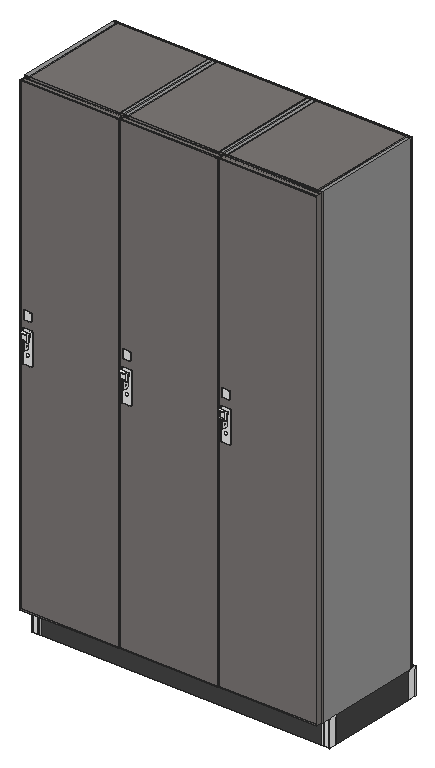
Revit family "Wood_Lockers_Hasps-Salsbury_Industries-15_41000_Series-3_Wide_Units.rfa", category Specialty Equipment, Revit 2016 (continued)
Definition of nested family "Wood Locker Sloping Corner Fillers"
  Forms (in)
    Extrusion 6, solid, material <- "Laminate Surface", visible <- "Visible"
      sketch origin (-1.125, -0.8125, 0) x (1, 0, 0) y (0, 0, 1)
        loop
          line (-11, 9.118) -> (-11, 9.087) -> (12.54519, 0.062) -> (12.625, 0.062) -> (-11, 9.118)
      from -12.9375 to 12.9375
    Extrusion 7, solid, material <- "Laminate Surface", visible <- "Visible"
      sketch origin (0, -11.5, 0) x (1, 0, 0) y (0, 0, 1)
        loop
          line (11.5, 0) -> (11.5, 0.062) -> (11.469, 0.062) -> (11.469, 0) -> (11.5, 0)
      from 0 to 2.25
    Extrusion 8, void
      sketch origin (13.75, 0, 0) x (0, -1, 0) y (0, 0, 1)
        loop
          line (-12.125, 0) -> (9.66023, 0) -> (-12.125, 8.36937) -> (-12.125, 0)
      from 0 to 25.875
  Cuts and joins
    Extrusion 3, Extrusion 8 cuts Extrusion 1
    Extrusion 3 cuts Extrusion 2
    Extrusion 8 cuts Extrusion 5
    Extrusion 8 cuts Extrusion 6
  Dimensions and locks (in)
    locked: plane 4 "Front of Hood" to plane 7 "Black Trim Line" at 0.031
    locked: plane 8 to plane 6 "Bottom of Hood" at 0.062
    locked: plane 9 to plane 6 "Bottom of Hood" at 0.75
    "Height": plane 14 "Top" to plane 6 "Bottom of Hood"
    "Width": plane 12 "New Left Side" to plane 13 "New Right Side"
    "Depth": plane 11 "New Front of Hood" to plane 10 "New Back of Hood"
    equal spacing: plane 12 "New Left Side", plane 3 "Center (Left/Right)", plane 13 "New Right Side"
    equal spacing: plane 11 "New Front of Hood", plane 1 "Center (Front/Back)", plane 10 "New Back of Hood"
    locked: plane 5 "Right Side of Hood" to plane 13 "New Right Side" at 2.25
    locked: plane 11 "New Front of Hood" to plane 4 "Front of Hood" at 2.25
    locked: plane 15 to plane 5 "Right Side of Hood" at 0.031
    aligned and locked: level to plane 2
    aligned and locked: plane 12 "New Left Side" to Extrusion 3
    aligned and locked: Extrusion 2 to plane 13 "New Right Side"
    aligned and locked: plane 12 "New Left Side" to cut or joined group of Extrusion 2, Extrusion 3
    aligned and locked: cut or joined group of Extrusion 2, Extrusion 3 to plane 10 "New Back of Hood"
    aligned and locked: plane 12 "New Left Side" to cut or joined group of Extrusion 1, Extrusion 3, Extrusion 8
    aligned and locked: cut or joined group of Extrusion 1, Extrusion 3, Extrusion 8 to plane 13 "New Right Side"
    aligned and locked: cut or joined group of Extrusion 1, Extrusion 3, Extrusion 8 to plane 10 "New Back of Hood"  (x2)
    aligned and locked: plane 4 "Front of Hood" to cut or joined group of Extrusion 2, Extrusion 3
    aligned and locked: Extrusion 3 to cut or joined group of Extrusion 2, Extrusion 3
    aligned and locked: plane 13 "New Right Side" to cut or joined group of Extrusion 1, Extrusion 3, Extrusion 8
    aligned and locked: plane 5 "Right Side of Hood" to Extrusion 4
    aligned and locked: Extrusion 8 to Extrusion 1  (x2)
    aligned and locked: Extrusion 1 to Extrusion 8
    aligned and locked: cut or joined group of Extrusion 1, Extrusion 3, Extrusion 8 to Extrusion 6
    aligned and locked: plane 11 "New Front of Hood" to Extrusion 6
    aligned and locked: plane 12 "New Left Side" to Extrusion 6
    aligned and locked: plane 11 "New Front of Hood" to Extrusion 5
    aligned and locked: plane 12 "New Left Side" to Extrusion 5
    aligned and locked: cut or joined group of Extrusion 1, Extrusion 3, Extrusion 8 to Extrusion 5
  Automatic sketch dimensions
    Extrusion 1 sketch curve to level = 0.000"
    Extrusion 1 sketch curve to plane 7 "Black Trim Line" = 0.000"
    plane 8 to Extrusion 1 sketch curve = 0.000"
    Extrusion 1 sketch curve to plane 10 "New Back of Hood" = 0.000"
    Extrusion 1 sketch curve to Extrusion 1 sketch curve = 0.04881"
    Extrusion 1 sketch curve to Extrusion 1 sketch curve = 1.75996"
    plane 14 "Top" to Extrusion 1 sketch curve = 0.74863"
    plane 14 "Top" to Extrusion 1 sketch curve = 0.031"
    Extrusion 2 sketch curve to plane 4 "Front of Hood" = 0.000"
    plane 8 to Extrusion 2 sketch curve = 0.000"
    Extrusion 2 sketch curve to plane 10 "New Back of Hood" = 0.000"
    plane 14 "Top" to Extrusion 2 sketch curve = 0.000"
    Extrusion 2 sketch curve to plane 7 "Black Trim Line" = 0.04881"
    plane 14 "Top" to Extrusion 2 sketch curve = 0.031"
    plane 10 "New Back of Hood" to Extrusion 3 sketch curve = 0.000"
    plane 4 "Front of Hood" to Extrusion 3 sketch curve = 0.000"
    Extrusion 3 sketch curve to plane 12 "New Left Side" = 0.000"
    Extrusion 3 sketch curve to plane 5 "Right Side of Hood" = 0.000"
    Extrusion 4 sketch curve to level = 0.000"
    Extrusion 4 sketch curve to plane 7 "Black Trim Line" = 0.000"
    Extrusion 4 sketch curve to plane 4 "Front of Hood" = 0.000"
    plane 8 to Extrusion 4 sketch curve = 0.000"
    Extrusion 5 sketch curve to level = 0.000"
    Extrusion 5 sketch curve to plane 8 = 0.000"
    plane 14 "Top" to Extrusion 5 sketch curve = 0.031"
    Extrusion 5 sketch curve to plane 12 "New Left Side" = 0.000"
    plane 5 "Right Side of Hood" to Extrusion 5 sketch curve = 1.83977"
    plane 5 "Right Side of Hood" to Extrusion 5 sketch curve = 0.07981"
    Extrusion 5 sketch curve to Extrusion 5 sketch curve = 0.04881"
    Extrusion 5 sketch curve to Extrusion 5 sketch curve = 0.71763"
    plane 14 "Top" to Extrusion 6 sketch curve = 0.000"
    Extrusion 6 sketch curve to plane 8 = 0.000"
    Extrusion 6 sketch curve to plane 12 "New Left Side" = 0.000"
    plane 5 "Right Side of Hood" to Extrusion 6 sketch curve = 0.07981"
    Extrusion 6 sketch curve to Extrusion 6 sketch curve = 0.07981"
    plane 14 "Top" to Extrusion 6 sketch curve = 0.031"
    Extrusion 7 sketch curve to level = 0.000"
    plane 15 to Extrusion 7 sketch curve = 0.000"
    plane 5 "Right Side of Hood" to Extrusion 7 sketch curve = 0.000"
    Extrusion 7 sketch curve to plane 8 = 0.000"
    Extrusion 8 sketch curve to plane 10 "New Back of Hood" = 0.000"
    Extrusion 8 sketch curve to level = 0.000"
    Extrusion 8 sketch curve to plane 7 "Black Trim Line" = 1.80877"
    plane 14 "Top" to Extrusion 8 sketch curve = 0.74863"
Definition of nested family "Wood Locker Sloping In-Line Fillers"
  Parameters (values of type "44489 - 15" W for 24" D Lockers")
    Width = 15.000"
    Visible = yes
    Version = "1.0 (12/15/23)"
    Type Comments = "Sloping Hood In-Line Filler for Premier Wood Lockers"
    Model = "44489"
    Manufacturer = "Salsbury Industries"
    Laminate Surface = none
    Height = 9.118"
    Description = "For 24\" D Lockers"
    Depth = 23.625"
  Types (10): name | Width | Visible | Version | Type Comments | Model | Manufacturer | Height | Description | Depth
    (no name) | 15.000" | yes | "1.0 (12/15/23)" | "Sloping Hood In-Line Filler for Premier Wood Lockers" | "44489" | "Salsbury Industries" | 9.118" | "For 24\" D Lockers" | 23.625"
    44487 - 15" W for 15" D Lockers | 15.000" | yes | "1.0 (12/15/23)" | "Sloping Hood In-Line Filler for Premier Wood Lockers" | "44487" | "Salsbury Industries" | 5.743" | "For 15\" D Lockers" | 14.625"
    44488 - 15" W for 18" D Lockers | 15.000" | yes | "1.0 (12/15/23)" | "Sloping Hood In-Line Filler for Premier Wood Lockers" | "44488" | "Salsbury Industries" | 6.868" | "For 18\" D Lockers" | 17.625"
    44481 - 15" W for 21" D Lockers | 15.000" | yes | "1.0 (12/15/23)" | "Sloping Hood In-Line Filler for Premier Wood Lockers" | "44481" | "Salsbury Industries" | 7.993" | "For 21\" D Lockers" | 20.625"
    None | 12.000" | no | "" | "" | "" | "" | 5.500" | "" | 14.000"
    44489 - 15" W for 24" D Lockers | 15.000" | yes | "1.0 (12/15/23)" | "Sloping Hood In-Line Filler for Premier Wood Lockers" | "44489" | "Salsbury Industries" | 9.118" | "For 24\" D Lockers" | 23.625"
    44488 - 9" W for 18" D Lockers | 9.000" | yes | "1.0 (12/15/23)" | "Sloping Hood In-Line Filler for Premier Wood Lockers" | "44488" | "Salsbury Industries" | 6.868" | "For 18\" D Lockers" | 17.625"
    44487 - 9" W for 15" D Lockers | 9.000" | yes | "1.0 (12/15/23)" | "Sloping Hood In-Line Filler for Premier Wood Lockers" | "44487" | "Salsbury Industries" | 5.743" | "For 15\" D Lockers" | 14.625"
    44481 - 9" W for 21" D Lockers | 9.000" | yes | "1.0 (12/15/23)" | "Sloping Hood In-Line Filler for Premier Wood Lockers" | "44481" | "Salsbury Industries" | 7.993" | "For 21\" D Lockers" | 20.625"
    44489 - 9" W for 24" D Lockers | 9.000" | yes | "1.0 (12/15/23)" | "Sloping Hood In-Line Filler for Premier Wood Lockers" | "44489" | "Salsbury Industries" | 9.118" | "For 24\" D Lockers" | 23.625"
  Reference planes (in)
    plane 1 "Center (Front/Back)": y = 0
    plane 2: z = 0
    plane 3 "Center (Left/Right)": x = 0
    plane 4 "Front of Hood": y = -11.8125
    plane 5 "Back of Hood": y = 11.8125
    plane 6 "Right Side of Hood": x = 7.5
    plane 7 "Left Side of Hood": x = -7.5
    plane 8 "Bottom of Hood": z = 0
    plane 9 "Top of Hood": z = 9.118
    plane 10: x = 6.75
    plane 11: x = -6.75
    plane 12: y = -11.7815
    plane 13: y = -11.0625
    plane 14: z = 9.087
    plane 15: z = 8.368
    plane 16: z = 0.062
    plane 17: z = 0.75
  Forms (in)
    Extrusion 1, solid, visible <- "Visible"
      sketch origin (0, 0, 0) x (0, 1, 0) y (0, 0, 1)
        loop
          line (-9.97273, 0) -> (11.8125, 8.368) -> (11.8125, 9.087) -> (-11.73269, 0.062) -> (-11.7815, 0.062) -> (-11.7815, 0) -> (-9.97273, 0)
      from -7.5 to 7.5
    Extrusion 2, solid, material <- "Laminate Surface", visible <- "Visible"
      sketch origin (0, 0, 0) x (0, 1, 0) y (0, 0, 1)
        loop
          line (-11.8125, 0.062) -> (-11.8125, 0) -> (-11.7815, 0) -> (-11.7815, 0.062) -> (-11.8125, 0.062)
      from -7.5 to 7.5
    Extrusion 3, solid, material <- "Laminate Surface", visible <- "Visible"
      sketch origin (0, 0, 0) x (0, 1, 0) y (0, 0, 1)
        loop
          line (11.8125, 9.118) -> (-11.8125, 0.062) -> (-11.73269, 0.062) -> (11.8125, 9.087) -> (11.8125, 9.118)
      from -7.5 to 7.5
  Dimensions and locks (in)
    equal spacing: plane 7 "Left Side of Hood", plane 3 "Center (Left/Right)", plane 6 "Right Side of Hood"
    "Width": plane 7 "Left Side of Hood" to plane 6 "Right Side of Hood"
    equal spacing: plane 4 "Front of Hood", plane 1 "Center (Front/Back)", plane 5 "Back of Hood"
    "Depth": plane 4 "Front of Hood" to plane 5 "Back of Hood"
    "Height": plane 9 "Top of Hood" to plane 8 "Bottom of Hood"
    plane 7 "Left Side of Hood" to plane 11 = 0.750"
    plane 10 to plane 6 "Right Side of Hood" = 0.750"
    plane 4 "Front of Hood" to plane 12 to plane 13 = 0.031" locked, 0.719" locked
    plane 15 to plane 14 to plane 9 "Top of Hood" = 0.719" locked, 0.031" locked
    locked: plane 16 to plane 8 "Bottom of Hood" at 0.062
    locked: plane 17 to plane 8 "Bottom of Hood" at 0.75
    aligned and locked: level to plane 2
    aligned and locked: Extrusion 1 to plane 6 "Right Side of Hood"
    aligned and locked: plane 7 "Left Side of Hood" to Extrusion 1
    aligned and locked: plane 7 "Left Side of Hood" to Extrusion 3
    aligned and locked: Extrusion 3 to plane 6 "Right Side of Hood"
    aligned and locked: Extrusion 2 to plane 6 "Right Side of Hood"
    aligned and locked: plane 7 "Left Side of Hood" to Extrusion 2
  Automatic sketch dimensions
    Extrusion 2 sketch curve to level = 0.000"
    Extrusion 2 sketch curve to plane 4 "Front of Hood" = 0.000"
    Extrusion 2 sketch curve to plane 12 = 0.000"
    plane 16 to Extrusion 2 sketch curve = 0.000"
    Extrusion 3 sketch curve to plane 4 "Front of Hood" = 0.000"
    plane 16 to Extrusion 3 sketch curve = 0.000"
    Extrusion 3 sketch curve to plane 5 "Back of Hood" = 0.000"
    plane 14 to Extrusion 3 sketch curve = 0.000"
    plane 9 "Top of Hood" to Extrusion 3 sketch curve = 0.000"
    Extrusion 3 sketch curve to plane 12 = 0.04881"
    Extrusion 1 sketch curve to level = 0.000"
    Extrusion 1 sketch curve to plane 12 = 0.000"
    plane 16 to Extrusion 1 sketch curve = 0.000"
    Extrusion 1 sketch curve to plane 5 "Back of Hood" = 0.000"
    plane 15 to Extrusion 1 sketch curve = 0.000"
    plane 14 to Extrusion 1 sketch curve = 0.000"
    Extrusion 1 sketch curve to plane 13 = 1.08977"
    Extrusion 1 sketch curve to plane 12 = 0.04881"
Types (7): name | Unit Height including Sloping Hood Only | Unit Height including Base Only | Sloping Hood Height | Overall Unit Height including Base and Sloping Hood | Model | Description | Depth | Compartment Depth | Base Height | Base Depth | Base
  (no name) | 78.868" | 76.000" | 6.868" | 82.868" | "15-41368" | "3 Wide - 6 Feet High - 18 inches Deep - with Base" | 18.000" | 16.750" | 4.000" | 16.250" | Wood Locker Bases : Base - 45" W x 18" D Lockers
  15-41364 | 81.118" | 76.000" | 9.118" | 85.118" | "15-41364" | "3 Wide - 6 Feet High - 24 inches Deep - with Base" | 24.000" | 22.750" | 4.000" | 22.250" | Wood Locker Bases : Base - 45" W x 24" D Lockers
  15-41364 - Without Base | 81.118" | 72.000" | 9.118" | 81.118" | "15-41364 - without Base" | "3 Wide - 6 Feet High - 24 inches Deep - with Base" | 24.000" | 22.750" | 0.000" | 22.250" | Wood Locker Bases : None
  15-41368 | 78.868" | 76.000" | 6.868" | 82.868" | "15-41368" | "3 Wide - 6 Feet High - 18 inches Deep - with Base" | 18.000" | 16.750" | 4.000" | 16.250" | Wood Locker Bases : Base - 45" W x 18" D Lockers
  15-41368 - Without Base | 78.868" | 72.000" | 6.868" | 78.868" | "15-41368 - without Base" | "3 Wide - 6 Feet High - 18 inches Deep - with Base" | 18.000" | 16.750" | 0.000" | 16.250" | Wood Locker Bases : None
  15-41361 | 79.993" | 76.000" | 7.993" | 83.993" | "15-41361" | "3 Wide - 6 Feet High - 21 inches Deep - with Base" | 21.000" | 19.750" | 4.000" | 19.250" | Wood Locker Bases : Base - 45" W x 21" D Lockers
  15-41361 - Without Base | 79.993" | 72.000" | 7.993" | 79.993" | "15-41361 - without Base" | "3 Wide - 6 Feet High - 21 inches Deep - with Base" | 21.000" | 19.750" | 0.000" | 19.250" | Wood Locker Bases : None
